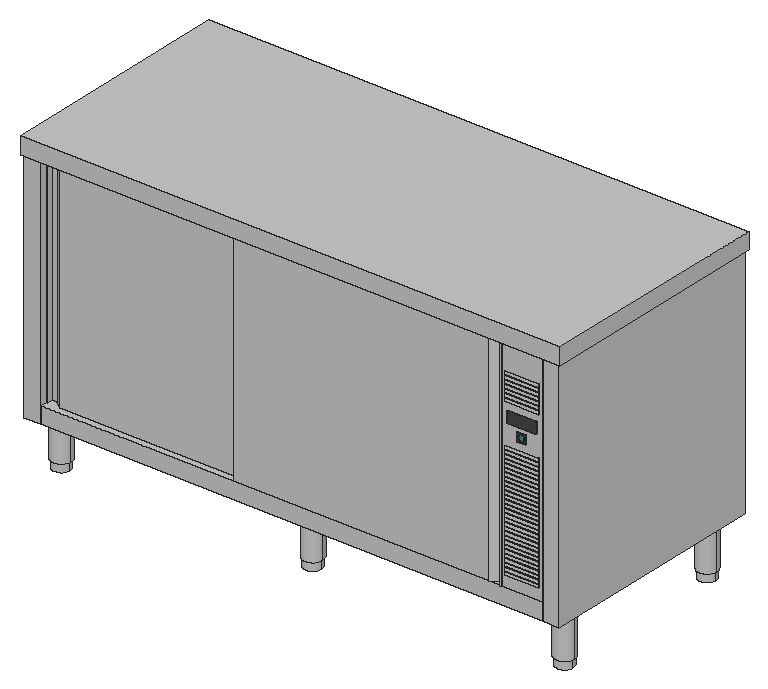
Revit family "QF_ELECTROLUXPROFESSIONAL_133099_TCD1600EN", category Attrezzature speciali, Revit 2020
Family settings
  Quota connettore circolare = Usa diametro
  Tipo di parte = Normale
  Basato su piano di lavoro = No
  Sempre verticale = Sì
  Taglio con vuoti quando caricato = No
  Condiviso = No
  Punto di calcolo locali = No
Parameters (values of type "Standard")
  Weight = 65.00 kg
  Watts = 2400 W
  Volts = 220 V
  URL Manufacturer = "https://www.electroluxprofessional.com/"
  URL = "https://www.electroluxprofessional.com/"
  Steam Supply Size = 0 mm
  Steam Supply Minimum Pressure = 0.0 Pa
  Steam Supply Maximum Pressure = 0.0 Pa
  Steam Consumption per Hour = 0
  Refrigeration Suction Line Size = 0.0 mm
  Refrigeration Liquid Line Size = 0.0 mm
  Refrigerant Compressor Remote = yes
  Prospetto di default = 0.0 mm
  Produttore = "Electrolux Professional"
  Phase = 1
  Modello = "TCD1600EN"
  Length Actual = 1600.0 mm  # constant formula
  Item Number = "133099"
  Hot Water Size = 0 mm
  Height Actual = 900.0 mm  # constant formula
  HP = "3.2 HP"
  Gas Size = 0 mm
  Gas KW = 0
  Gas Input Pressure = 0 W
  Direct Waste Size = 0 mm
  Descrizione = "HOT PASS-THROUGH CUPBOARD 1600 MM"
  Depth Actual = 700.0 mm  # constant formula
  Cycle = 50 Hz
  Condensate Return Size = 0 mm
  Compressed Air Volume = 0.0 L/s
  Compressed Air Size = 0 mm
  Compressed Air Pressure = 0.0 Pa
  Cold Water Size = 0 mm
  Accessory = yes
Reference planes
  plane 1 "Center (Front/Back)": y = 0
  plane 2: z = 0
  plane 3 "Center (Left/Right)": x = -300
  plane 4 "LEFT": x = -1100
  plane 5 "RIGHT": x = 500
  plane 6 "BACK": y = 350
  plane 7 "FRONT": y = -350
  plane 8 "Base": z = 850
  plane 9 "TOP": z = 900
  plane 10: x = -1046.5
  plane 11: x = 446.5
  plane 12: y = 264.5
  plane 13: y = -264.5
  plane 14 "BodyLeft": x = -1094.5
  plane 15 "BodyFront": y = -344.5
  plane 16 "BodyRight": x = 494.5
  plane 17 "BodyBack": y = 344.5
  plane 18 "FEET": z = 150
  plane 19: x = 324.5
  plane 20: x = -361
  plane 21: x = 444.5
  plane 22: x = 400
  plane 23: y = -170
Forms (mm)
  Extrusion 1, solid, material "QF_Finishes_Stainless Steel"
    sketch origin (-300, 0, 0) x (0, 1, 0) y (0, 0, 1)
      loop
        line (-350, 850) -> (350, 850) -> (350, 900) -> (-350, 900) -> (-350, 850)
    from 800 to -800
  Extrusion 2, solid, material "QF_Finishes_Stainless Steel"
    sketch origin (0, 0, 150) x (-1, 0, 0) y (0, -1, 0)
      loop
        line (1094.5, -344.5) -> (1094.5, 344.5) -> (1044.5, 344.5) -> (1044.5, -344.5) -> (1094.5, -344.5)
      loop
        line (-444.5, -344.5) -> (-444.5, 344.5) -> (-494.5, 344.5) -> (-494.5, -344.5) -> (-444.5, -344.5)
    from 0 to 700
  Extrusion 3, solid, material "QF_Finishes_Stainless Steel"
    sketch origin (0, 0, 150) x (-1, 0, 0) y (0, -1, 0)
      loop
        line (1044.5, -344.5) -> (1044.5, 344.5) -> (-444.5, 344.5) -> (-444.5, -344.5) -> (1044.5, -344.5)
    from 0 to 50
  Extrusion 4, solid, material "QF_Finishes_Stainless Steel"
    sketch origin (-1, 0, 150) x (-1, 0, 0) y (0, -1, 0)
      loop
        line (-325.5, 344.5) -> (-325.5, 324.5) -> (470.5, 324.5) -> (470.5, 344.5) -> (-285.5, 344.5) -> (-305.5, 329.5) -> (-320.5, 329.5) -> (-320.5, 344.5) -> (-325.5, 344.5)
    from 50 to 700
  Extrusion 5, solid, material "QF_Finishes_Stainless Steel"
    sketch origin (1, 20, 150) x (1, 0, 0) y (0, 1, 0)
      loop
        line (-1045.5, -344.5) -> (-1040.5, -344.5) -> (-1040.5, -329.5) -> (-1025.5, -329.5) -> (-1005.5, -344.5) -> (-251.5, -344.5) -> (-251.5, -324.5) -> (-1045.5, -324.5) -> (-1045.5, -344.5)
    from 50 to 700
  Extrusion 6, solid, material "QF_Finishes_Stainless Steel"
    sketch origin (0, 0, 0) x (1, 0, 0) y (0, 1, 0)
      loop
        line (-1044.5, -304.5) -> (324.5, -304.5) -> (324.5, 304.5) -> (-1044.5, 304.5) -> (-1044.5, -304.5)
    from 500 to 540
  Extrusion 7, solid, material "QF_Finishes_Stainless Steel"
    sketch origin (-1, 0, 150) x (-1, 0, 0) y (0, -1, 0)
      loop
        line (-325.5, -344.5) -> (-320.5, -344.5) -> (-320.5, -329.5) -> (-305.5, -329.5) -> (-285.5, -344.5) -> (470.5, -344.5) -> (470.5, -324.5) -> (-325.5, -324.5) -> (-325.5, -344.5)
    from 50 to 700
  Extrusion 8, solid, material "QF_Finishes_Stainless Steel"
    sketch origin (1, -20, 150) x (1, 0, 0) y (0, 1, 0)
      loop
        line (-1045.5, 344.5) -> (-1045.5, 324.5) -> (-251.5, 324.5) -> (-251.5, 344.5) -> (-1005.5, 344.5) -> (-1025.5, 329.5) -> (-1040.5, 329.5) -> (-1040.5, 344.5) -> (-1045.5, 344.5)
    from 50 to 700
  Extrusion 9, solid, material "QF_Finishes_Stainless Steel"
    sketch origin (0, 0, 0) x (1, 0, 0) y (0, 1, 0)
      loop
        line (444.5, 344.5) -> (324.5, 344.5) -> (324.5, 324.5) -> (444.5, 324.5) -> (444.5, 344.5)
    from 200 to 850
  Extrusion 10, solid, material "QF_Finishes_Stainless Steel"
    sketch origin (0, 0, 150) x (-1, 0, 0) y (0, -1, 0)
      loop
        circle (-400, 170) r 10
    from 0 to -5
Cuts and joins
  joined: Extrusion 3, Extrusion 9
Lines and regions (mm)
  symbolic lines
    curve 1: line (500, 350, 900) -> (-1100, 350, 900)
    curve 2: line (-1100, 350, 900) -> (-1100, -350, 900)
    curve 3: line (-1100, -350, 900) -> (500, -350, 900)
    curve 4: line (500, -350, 900) -> (500, 350, 900)
    curve 5: line (-1100, 337, 900) -> (500, 337, 900)
  symbolic lines, style "SpecialityEquipmentHiddenLines"
    curve 6: line (-1094.5, 344.5, 150) -> (494.5, 344.5, 150)
    curve 7: line (-1094.5, -344.5, 150) -> (-1094.5, 344.5, 150)
    curve 8: line (494.5, -344.5, 150) -> (-1094.5, -344.5, 150)
    curve 9: line (494.5, 344.5, 150) -> (494.5, -344.5, 150)
    curve 10: line (-1045.5, -304.5, 150) -> (-249.5, -304.5, 150)
    curve 11: line (-249.5, -304.5, 150) -> (-249.5, -324.5, 150)
    curve 12: line (-1045.5, -324.5, 150) -> (444.5, -324.5, 150)
    curve 13: line (444.5, -324.5, 150) -> (444.5, -344.5, 150)
    curve 14: line (-1045.5, -304.5, 150) -> (-1045.5, -324.5, 150)
    curve 15: line (-471.5, -344.5, 0) -> (-471.5, -324.5, 0)
    curve 16: line (-1045.5, 304.5, 150) -> (-249.5, 304.5, 150)
    curve 17: line (-1045.5, 324.5, 150) -> (444.5, 324.5, 150)
    curve 18: line (-471.5, 344.5, 0) -> (-471.5, 324.5, 0)
    curve 19: line (-250.5, 304.5, 0) -> (-250.5, 324.5, 0)
Dimensions and locks
  plane 4 "LEFT" to plane 5 "RIGHT" = 1600.0 mm
  equal spacing: plane 4 "LEFT", plane 3 "Center (Left/Right)", plane 5 "RIGHT"
  locked: plane 8 "Base" to level at 850
  locked: plane 9 "TOP" to level at 900
  plane 6 "BACK" to plane 7 "FRONT" = 700.0 mm
  equal spacing: plane 6 "BACK", plane 1 "Center (Front/Back)", plane 7 "FRONT"
  locked: plane 4 "LEFT" to plane 14 "BodyLeft" at 5.5
  locked: plane 16 "BodyRight" to plane 5 "RIGHT" at 5.5
  locked: plane 15 "BodyFront" to plane 7 "FRONT" at 5.5
  locked: plane 6 "BACK" to plane 17 "BodyBack" at 5.5
  locked: plane 14 "BodyLeft" to plane 10 at 48
  locked: plane 11 to plane 16 "BodyRight" at 48
  locked: plane 13 to plane 15 "BodyFront" at 80
  locked: plane 17 "BodyBack" to plane 12 at 80
  plane 10 to plane 11 = 1493.0 mm
  plane 12 to plane 13 = 529.0 mm
  locked: plane 14 "BodyLeft" to Extrusion 2 sketch curve at 50
  locked: Extrusion 2 sketch curve to Extrusion 2 sketch curve at 50
  equal spacing: plane 10, plane 20, plane 19
  locked: plane 21 to plane 16 "BodyRight" at 50
  locked: plane 19 to plane 21 at 120
  locked: Extrusion 4 sketch curve to plane 20 at 110.5
  locked: plane 20 to Extrusion 5 sketch curve at 110.5
  locked: plane 18 "FEET" to level at 150
  locked: plane 22 to plane 5 "RIGHT" at 100
  locked: plane 23 to plane 7 "FRONT" at 180
  aligned and locked: level to plane 2
  aligned and locked: plane 10 to nested 1
  aligned and locked: nested 1 to plane 13
  aligned and locked: plane 11 to nested 2
  aligned and locked: nested 2 to plane 13
  aligned and locked: plane 11 to nested 4
  aligned and locked: nested 4 to plane 12
  aligned and locked: plane 10 to nested 3
  aligned and locked: nested 3 to plane 12
  aligned and locked: Extrusion 1 to plane 4 "LEFT"
  aligned and locked: plane 5 "RIGHT" to Extrusion 1
  aligned and locked: curve 2 to plane 4 "LEFT"
  aligned and locked: plane 17 "BodyBack" to Extrusion 2 sketch curve
  aligned and locked: Extrusion 2 sketch curve to plane 15 "BodyFront"
  aligned and locked: Extrusion 2 sketch curve to plane 14 "BodyLeft"
  aligned and locked: plane 16 "BodyRight" to Extrusion 2 sketch curve
  aligned and locked: Extrusion 2 sketch curve to plane 17 "BodyBack"
  aligned and locked: plane 15 "BodyFront" to Extrusion 2 sketch curve
  aligned and locked: Extrusion 3 sketch curve to plane 17 "BodyBack"
  aligned and locked: plane 15 "BodyFront" to Extrusion 3 sketch curve
  aligned and locked: plane 8 "Base" to Extrusion 2
  aligned and locked: plane 8 "Base" to Extrusion 4
  aligned and locked: Extrusion 4 to Extrusion 3
  aligned and locked: Extrusion 1 to plane 8 "Base"
  aligned and locked: plane 9 "TOP" to Extrusion 1
  aligned and locked: curve 6 to plane 17 "BodyBack"
  aligned and locked: plane 14 "BodyLeft" to curve 7
  aligned and locked: plane 15 "BodyFront" to curve 8
  aligned and locked: plane 16 "BodyRight" to curve 9
  aligned and locked: Extrusion 3 to Extrusion 2  (x2)
  aligned and locked: Extrusion 6 sketch curve to Extrusion 2
  aligned and locked: Extrusion 6 sketch curve to Extrusion 5
  aligned and locked: curve 19 to Extrusion 8
  aligned and locked: curve 18 to Extrusion 7
  aligned and locked: nested 5 to plane 21
  aligned and locked: Extrusion 6 sketch curve to plane 19
  aligned and locked: plane 3 "Center (Left/Right)" to nested 6
  aligned and locked: plane 3 "Center (Left/Right)" to nested 7
Automatic sketch dimensions
  Extrusion 7 sketch curve to plane 19 = 0.0 mm
  Extrusion 7 sketch curve to plane 17 "BodyBack" = 0.0 mm  (x2)
  Extrusion 7 sketch curve to Extrusion 7 sketch curve = 5.0 mm
  Extrusion 7 sketch curve to Extrusion 7 sketch curve = 15.0 mm
  Extrusion 7 sketch curve to Extrusion 7 sketch curve = 20.0 mm
  plane 17 "BodyBack" to Extrusion 7 sketch curve = 20.0 mm
  plane 20 to Extrusion 7 sketch curve = 110.5 mm
  plane 17 "BodyBack" to Extrusion 7 sketch curve = 15.0 mm
  curve 15 to plane 15 "BodyFront" = 0.0 mm
  plane 15 "BodyFront" to curve 15 = 20.0 mm
  curve 15 to plane 20 = 110.5 mm
  curve 3 to plane 7 "FRONT" = 0.0 mm
  curve 5 to plane 5 "RIGHT" = 0.0 mm
  curve 4 to plane 6 "BACK" = 0.0 mm
  curve 5 to plane 17 "BodyBack" = 7.5 mm
  Extrusion 1 sketch curve to plane 7 "FRONT" = 0.0 mm
  Extrusion 1 sketch curve to plane 6 "BACK" = 0.0 mm
  Extrusion 1 sketch curve to plane 8 "Base" = 0.0 mm
  Extrusion 1 sketch curve to plane 9 "TOP" = 0.0 mm
  Extrusion 3 sketch curve to plane 21 = 0.0 mm
  plane 10 to Extrusion 3 sketch curve = 2.0 mm
  Extrusion 4 sketch curve to plane 19 = 0.0 mm
  Extrusion 4 sketch curve to plane 15 "BodyFront" = 0.0 mm  (x2)
  Extrusion 4 sketch curve to Extrusion 4 sketch curve = 5.0 mm
  Extrusion 4 sketch curve to Extrusion 4 sketch curve = 15.0 mm  (x2)
  Extrusion 4 sketch curve to Extrusion 4 sketch curve = 20.0 mm  (x2)
  Extrusion 5 sketch curve to plane 15 "BodyFront" = 20.0 mm  (x2)
  Extrusion 5 sketch curve to plane 10 = 42.0 mm
  Extrusion 5 sketch curve to plane 10 = 22.0 mm
  Extrusion 5 sketch curve to plane 10 = 7.0 mm
  Extrusion 5 sketch curve to plane 10 = 2.0 mm
  Extrusion 5 sketch curve to Extrusion 5 sketch curve = 15.0 mm
  Extrusion 5 sketch curve to Extrusion 5 sketch curve = 20.0 mm
  curve 13 to plane 21 = 0.0 mm
  curve 17 to plane 21 = 0.0 mm
  curve 8 to plane 15 "BodyFront" = 0.0 mm
  plane 3 "Center (Left/Right)" to curve 10 = 50.5 mm
  plane 10 to curve 12 = 1.0 mm
  plane 15 "BodyFront" to curve 10 = 40.0 mm
  curve 12 to curve 13 = 20.0 mm
  plane 3 "Center (Left/Right)" to curve 16 = 50.5 mm
  plane 10 to curve 17 = 1.0 mm
  plane 10 to curve 16 = 1.0 mm
  curve 17 to plane 17 "BodyBack" = 20.0 mm
  plane 12 to curve 16 = 40.0 mm
  plane 12 to Extrusion 6 sketch curve = 40.0 mm
  plane 10 to Extrusion 8 sketch curve = 2.0 mm
  Extrusion 8 sketch curve to Extrusion 8 sketch curve = 5.0 mm
  Extrusion 8 sketch curve to Extrusion 8 sketch curve = 15.0 mm  (x2)
  Extrusion 8 sketch curve to plane 17 "BodyBack" = 20.0 mm  (x2)
  Extrusion 8 sketch curve to Extrusion 8 sketch curve = 20.0 mm  (x2)
  plane 3 "Center (Left/Right)" to Extrusion 8 sketch curve = 49.5 mm
  curve 18 to plane 17 "BodyBack" = 0.0 mm
  curve 18 to plane 17 "BodyBack" = 20.0 mm
  plane 12 to curve 19 = 40.0 mm
  curve 19 to curve 19 = 20.0 mm
  Extrusion 9 sketch curve to plane 17 "BodyBack" = 0.0 mm
  Extrusion 9 sketch curve to plane 19 = 0.0 mm
  Extrusion 9 sketch curve to plane 21 = 0.0 mm
  Extrusion 9 sketch curve to plane 17 "BodyBack" = 20.0 mm
  Extrusion 10 sketch curve to plane 22 = 0.0 mm
  Extrusion 10 sketch curve to plane 23 = 0.0 mm
  radius of Extrusion 10 sketch curve = 10.0 mm
Nested families
  nested 1: "FEET_D58-150" at (-1046.5, -264.5, 0), type "FEET_D58-150"
  nested 2: "FEET_D58-150" at (446.5, -264.5, 0), type "FEET_D58-150"
  nested 3: "FEET_D58-150" at (-1046.5, 264.5, 0), type "FEET_D58-150"
  nested 4: "FEET_D58-150" at (446.5, 264.5, 0), type "FEET_D58-150"
  nested 5: "WT_PNL120x650" at (531.42, -304.5, 600) x (1, 0, 0) z (0, -1, 0), type "WT_PNL120x650"
    with Show Logo yes
  nested 6: "FEET_D58-150" at (-300, -264.5, 0), type "FEET_D58-150"
  nested 7: "FEET_D58-150" at (-300, 264.5, 0), type "FEET_D58-150"
Connectors
  electrical at (400, -170, 145)
    settings: on Extrusion 10, index 1, voltage 0 V, apparent load 0 VA, apparent load phase1 0 VA, apparent load phase2 0 VA, apparent load phase3 0 VA, power factor 1, load classification "Other", number of poles 1, system type 30, power factor state 1, is connector primary yes, connector utility no, sub classification motor no, connector description "Electrical connection"
Definition of nested family "FEET_D58-150"
  Parameters
    Default Elevation = 0.0 mm
    FEET = 150.0 mm
  Reference planes
    plane 1 "Center (Front/Back)": y = 0
    plane 2: z = 0
    plane 3 "Center (Left/Right)": x = 0
    plane 4: z = 150
  Forms (mm)
    Extrusion 1, solid
      sketch origin (0, 0, 0) x (1, 0, 0) y (0, 1, 0)
        loop
          circle (0, 0) r 25
      from 0 to 25
    Extrusion 2, solid
      sketch origin (0, 0, 0) x (1, 0, 0) y (0, 1, 0)
        loop
          circle (0.061, 0) r 29
      from 25 to 150 <- "FEET"
  Lines and regions (mm)
    symbolic lines
      curve 1: line (0, -1.503, 0) -> (0, 1.508, 0)
      curve 2: line (1.561, 0, 0) -> (-1.439, 0, 0)
  Dimensions and locks
    "FEET": plane 4 to plane 2
    aligned and locked: level to plane 2
  Automatic sketch dimensions
    plane 1 "Center (Front/Back)" to Extrusion 1 sketch curve = 0.0 mm
    Extrusion 1 sketch curve to plane 3 "Center (Left/Right)" = 0.0 mm
    plane 1 "Center (Front/Back)" to curve 2 = 0.0 mm
    curve 1 to plane 3 "Center (Left/Right)" = 0.0 mm
    curve 2 to plane 3 "Center (Left/Right)" = 1.439 mm
    plane 3 "Center (Left/Right)" to curve 2 = 1.561 mm
    plane 1 "Center (Front/Back)" to curve 1 = 1.503 mm
    curve 1 to plane 1 "Center (Front/Back)" = 1.508 mm
    plane 1 "Center (Front/Back)" to Extrusion 2 sketch curve = 0.0 mm
    plane 3 "Center (Left/Right)" to Extrusion 2 sketch curve = 0.061 mm
    radius of Extrusion 1 sketch curve = 25.0 mm
    radius of Extrusion 2 sketch curve = 29.0 mm
Definition of nested family "WT_PNL120x650"
  Parameters
    Show Logo [instance] = yes
    Default Elevation = 1219.2 mm
  Reference planes
    plane 1 "Center (Front/Back)": y = -75
    plane 2: z = 0
    plane 3 "Center (Left/Right)": x = -146.92
    plane 4: x = -206.92
    plane 5: x = -86.92
    plane 6: y = 250
    plane 7: y = -400
    plane 8 "TOP": z = 40
  Forms (mm)
    Extrusion 1, solid
      sketch origin (0, 0, 0) x (1, 0, 0) y (0, 1, 0)
        loop
          line (-1219.2, 1219.2) -> (-1219.2, -1219.2) -> (1219.2, -1219.2) -> (1219.2, 1219.2) -> (-1219.2, 1219.2)
      from 0 to -304.8
    Extrusion 2, solid
      sketch origin (0, 0, 0) x (1, 0, 0) y (0, 1, 0)
        loop
          line (-206.92, 250) -> (-206.92, -400) -> (-86.92, -400) -> (-86.92, 250) -> (-206.92, 250)
      from 0 to 40
    Extrusion 3, void
      sketch origin (0, 0, 40) x (-1, 0, 0) y (0, -1, 0)
        loop
          arc (101.92, -68.899) -> (103.795, -73.256) -> (108.247, -74.89) r 6
          line (108.247, -74.89) -> (185.92, -74.89)
          arc (185.92, -74.89) -> (190.163, -73.133) -> (191.92, -68.89) r 6
          line (191.92, -68.89) -> (191.92, -45.89)
          arc (191.92, -45.89) -> (190.163, -41.648) -> (185.92, -39.89) r 6
          line (185.92, -39.89) -> (107.92, -39.89)
          arc (107.92, -39.89) -> (103.677, -41.648) -> (101.92, -45.89) r 6
          line (101.92, -45.89) -> (101.92, -68.899)
        loop
          line (158.92, -27.89) -> (158.92, -2.89) -> (134.92, -2.89) -> (134.92, -27.89) -> (158.92, -27.89)
      from -2 to 0
    Extrusion 4, solid
      sketch origin (0, 0, 40) x (-1, 0, 0) y (0, -1, 0)
        loop
          line (185.92, -39.89) -> (107.92, -39.89)
          arc (107.92, -39.89) -> (103.677, -41.648) -> (101.92, -45.89) r 6
          line (101.92, -45.89) -> (101.92, -68.899)
          arc (101.92, -68.899) -> (103.795, -73.256) -> (108.247, -74.89) r 6
          line (108.247, -74.89) -> (185.92, -74.89)
          arc (185.92, -74.89) -> (190.163, -73.133) -> (191.92, -68.89) r 6
          line (191.92, -68.89) -> (191.92, -45.89)
          arc (191.92, -45.89) -> (190.163, -41.648) -> (185.92, -39.89) r 6
      from -2 to 1
    Extrusion 5, solid
      sketch origin (-146.92, 0, 0) x (0, 1, 0) y (0, 0, 1)
        loop
          line (95.896, 40) -> (104.899, 40) -> (95.896, 41.206) -> (95.896, 40)
        loop
          line (107.896, 40) -> (116.899, 40) -> (107.896, 41.206) -> (107.896, 40)
        loop
          line (119.896, 40) -> (128.899, 40) -> (119.896, 41.206) -> (119.896, 40)
        loop
          line (131.896, 40) -> (140.899, 40) -> (131.896, 41.206) -> (131.896, 40)
        loop
          line (143.896, 40) -> (152.899, 40) -> (143.896, 41.206) -> (143.896, 40)
        loop
          line (155.896, 40) -> (164.899, 40) -> (155.896, 41.206) -> (155.896, 40)
        loop
          line (167.896, 40) -> (176.899, 40) -> (167.896, 41.206) -> (167.896, 40)
        loop
          line (-102.104, 40) -> (-93.101, 40) -> (-102.104, 41.206) -> (-102.104, 40)
        loop
          line (-90.104, 40) -> (-81.101, 40) -> (-90.104, 41.206) -> (-90.104, 40)
        loop
          line (-78.104, 40) -> (-69.101, 40) -> (-78.104, 41.206) -> (-78.104, 40)
        loop
          line (-66.104, 40) -> (-57.101, 40) -> (-66.104, 41.206) -> (-66.104, 40)
        loop
          line (-54.104, 40) -> (-45.101, 40) -> (-54.104, 41.206) -> (-54.104, 40)
        loop
          line (-42.104, 40) -> (-33.101, 40) -> (-42.104, 41.206) -> (-42.104, 40)
        loop
          line (-30.104, 40) -> (-21.101, 40) -> (-30.104, 41.206) -> (-30.104, 40)
        loop
          line (-174.104, 40) -> (-165.101, 40) -> (-174.104, 41.206) -> (-174.104, 40)
        loop
          line (-162.104, 40) -> (-153.101, 40) -> (-162.104, 41.206) -> (-162.104, 40)
        loop
          line (-150.104, 40) -> (-141.101, 40) -> (-150.104, 41.206) -> (-150.104, 40)
        loop
          line (-138.104, 40) -> (-129.101, 40) -> (-138.104, 41.206) -> (-138.104, 40)
        loop
          line (-126.104, 40) -> (-117.101, 40) -> (-126.104, 41.206) -> (-126.104, 40)
        loop
          line (-114.104, 40) -> (-105.101, 40) -> (-114.104, 41.206) -> (-114.104, 40)
        loop
          line (-246.104, 40) -> (-237.101, 40) -> (-246.104, 41.206) -> (-246.104, 40)
        loop
          line (-234.104, 40) -> (-225.101, 40) -> (-234.104, 41.206) -> (-234.104, 40)
        loop
          line (-222.104, 40) -> (-213.101, 40) -> (-222.104, 41.206) -> (-222.104, 40)
        loop
          line (-210.104, 40) -> (-201.101, 40) -> (-210.104, 41.206) -> (-210.104, 40)
        loop
          line (-198.104, 40) -> (-189.101, 40) -> (-198.104, 41.206) -> (-198.104, 40)
        loop
          line (-186.104, 40) -> (-177.101, 40) -> (-186.104, 41.206) -> (-186.104, 40)
        loop
          line (-318.104, 40) -> (-309.101, 40) -> (-318.104, 41.206) -> (-318.104, 40)
        loop
          line (-306.104, 40) -> (-297.101, 40) -> (-306.104, 41.206) -> (-306.104, 40)
        loop
          line (-294.104, 40) -> (-285.101, 40) -> (-294.104, 41.206) -> (-294.104, 40)
        loop
          line (-282.104, 40) -> (-273.101, 40) -> (-282.104, 41.206) -> (-282.104, 40)
        loop
          line (-270.104, 40) -> (-261.101, 40) -> (-270.104, 41.206) -> (-270.104, 40)
        loop
          line (-258.104, 40) -> (-249.101, 40) -> (-258.104, 41.206) -> (-258.104, 40)
        loop
          line (-366.104, 40) -> (-357.101, 40) -> (-366.104, 41.206) -> (-366.104, 40)
        loop
          line (-354.104, 40) -> (-345.101, 40) -> (-354.104, 41.206) -> (-354.104, 40)
        loop
          line (-342.104, 40) -> (-333.101, 40) -> (-342.104, 41.206) -> (-342.104, 40)
        loop
          line (-330.104, 40) -> (-321.101, 40) -> (-330.104, 41.206) -> (-330.104, 40)
      from -50 to 50
    Extrusion 6, solid
      sketch origin (0, 0, 40) x (-1, 0, 0) y (0, -1, 0)
        loop
          line (134.92, -27.89) -> (158.92, -27.89) -> (158.92, -2.89) -> (134.92, -2.89) -> (134.92, -27.89)
        loop
          circle (146.92, -15.39) r 9
      from -2 to 3
    Extrusion 7, solid
      sketch origin (0, 0, 40) x (-1, 0, 0) y (0, -1, 0)
        loop
          circle (146.92, -15.39) r 9
      from 0 to 3
  Cuts and joins
    Extrusion 3 cuts Extrusion 2
  Dimensions and locks
    equal spacing: plane 6, plane 1 "Center (Front/Back)", plane 7
    equal spacing: plane 4, plane 3 "Center (Left/Right)", plane 5
    plane 8 "TOP" to level = 40.0 mm
    aligned and locked: plane 2 to Extrusion 1
    aligned and locked: level to Extrusion 1
  Automatic sketch dimensions
    Extrusion 1 sketch curve to Extrusion 1 sketch curve = 2438.4 mm  (x2)
    Extrusion 2 sketch curve to plane 4 = 0.0 mm
    Extrusion 2 sketch curve to plane 5 = 0.0 mm
    Extrusion 2 sketch curve to plane 7 = 0.0 mm
    Extrusion 2 sketch curve to plane 6 = 0.0 mm
    Extrusion 5 sketch curve to plane 8 "TOP" = 0.0 mm  (x36)
    Extrusion 5 sketch curve to Extrusion 5 sketch curve = 9.003 mm  (x35)
    plane 8 "TOP" to Extrusion 5 sketch curve = 1.206 mm  (x22)
    Extrusion 5 sketch curve to Extrusion 5 sketch curve = 2.997 mm  (x33)
    plane 1 "Center (Front/Back)" to Extrusion 5 sketch curve = 6.101 mm
    plane 1 "Center (Front/Back)" to Extrusion 5 sketch curve = 3.104 mm
    Extrusion 5 sketch curve to plane 1 "Center (Front/Back)" = 5.899 mm
    Extrusion 5 sketch curve to Extrusion 5 sketch curve = 116.997 mm
    Extrusion 5 sketch curve to Extrusion 5 sketch curve = 1.206 mm  (x14)
    Extrusion 4 sketch curve to plane 5 = 15.0 mm
    Extrusion 4 sketch curve to Extrusion 4 sketch curve = 6.0 mm  (x3)
    Extrusion 4 sketch curve to Extrusion 4 sketch curve = 0.327 mm
    plane 4 to Extrusion 4 sketch curve = 21.0 mm  (x2)
    Extrusion 4 sketch curve to plane 1 "Center (Front/Back)" = 149.89 mm
    Extrusion 4 sketch curve to Extrusion 4 sketch curve = 23.009 mm
    Extrusion 3 sketch curve to plane 5 = 15.0 mm
    Extrusion 3 sketch curve to Extrusion 3 sketch curve = 6.0 mm  (x3)
    Extrusion 3 sketch curve to Extrusion 3 sketch curve = 0.327 mm
    plane 3 "Center (Left/Right)" to Extrusion 3 sketch curve = 12.0 mm
    Extrusion 3 sketch curve to plane 3 "Center (Left/Right)" = 12.0 mm
    plane 4 to Extrusion 3 sketch curve = 21.0 mm  (x2)
    Extrusion 3 sketch curve to plane 1 "Center (Front/Back)" = 149.89 mm
    Extrusion 3 sketch curve to Extrusion 3 sketch curve = 23.0 mm
    Extrusion 3 sketch curve to Extrusion 3 sketch curve = 12.0 mm
    Extrusion 3 sketch curve to Extrusion 3 sketch curve = 25.0 mm
    Extrusion 6 sketch curve to plane 3 "Center (Left/Right)" = 0.0 mm
    plane 3 "Center (Left/Right)" to Extrusion 6 sketch curve = 12.0 mm
    Extrusion 6 sketch curve to plane 3 "Center (Left/Right)" = 12.0 mm
    Extrusion 6 sketch curve to plane 1 "Center (Front/Back)" = 102.89 mm
    Extrusion 6 sketch curve to Extrusion 6 sketch curve = 12.5 mm  (x2)
    Extrusion 7 sketch curve to plane 3 "Center (Left/Right)" = 0.0 mm
    Extrusion 7 sketch curve to plane 1 "Center (Front/Back)" = 90.39 mm
    radius of Extrusion 6 sketch curve = 9.0 mm
    radius of Extrusion 7 sketch curve = 9.0 mm
